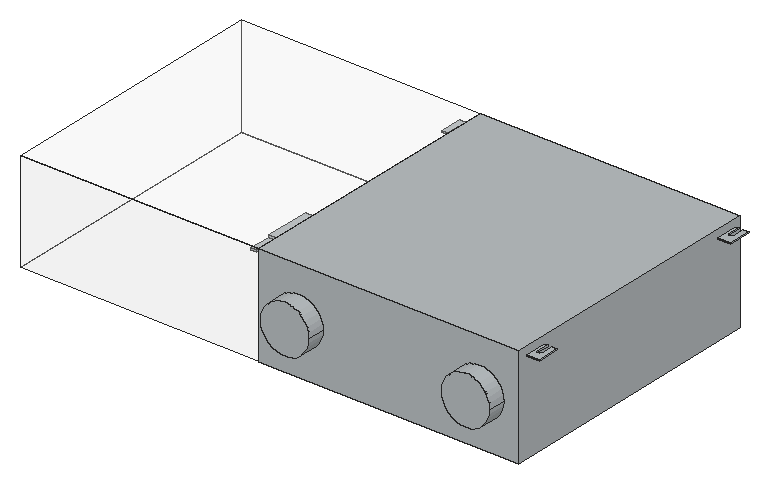
Revit family "vl-25zmhv2(-s)_60Hz", category 機械設備, Revit 2019
Family settings
  丸型コネクタ寸法 = 直径を使用
  パーツ タイプ = 標準
  OmniClass 番号 = 23.75.10.34.21
  OmniClass タイトル = Heat Exchangers for Ventilation Air
  作業面ベース = いいえ
  常に垂直 = はい
  ロード時にボイドで切り取り = いいえ
  共有 = いいえ
  部屋計算ポイント = はい
Parameters (values of type "VL-25ZMHV2")
  騒音レベル(dB(A)) = 33
  風量 = 250.0 m³/h
  面風速 = 3.93 m/s
  電源種別 [instance] = ""
  電圧 = 100 V
  電動機出力 = 0 W
  集中コントローラ = ""
  運転質量 = 0.00 kg
  連動 [instance] = ""
  質量 = if(製品質量 > 運転質量, 製品質量, 運転質量) * 1.2  # 22.80 kg
  負荷分類 = 3_ファン類
  説明 = "ロスナイセントラル換気システム 天吊埋込形 高効率シリーズ"
  設計風量 = 0.0 m³/h
  設置方法 = "天井吊(隠ぺい)形"
  記号 [instance] = ""
  製造元 = "三菱電機株式会社"
  製品質量 = 19.00 kg
  製品出荷対象 = "国内"
  製品リリース年月 = "2022/6/1"
  製品グループ = ""
  系統 [instance] = ""
  符号 = "HEU"
  積算_科目 = "1 空気調和設備"
  積算_拾い区分 [instance] = ""
  相 = 1
  盤記号 [instance] = ""
  発停方法 [instance] = ""
  特殊仕様 [instance] = ""
  点検口高さ = -Height  # -295 mm
  点検口離隔 = 250 mm
  点検口_Depth = 450 mm
  点検口 = yes
  火災停止 [instance] = ""
  温度交換効率 = 80.00%
  消費電力 = 74 W
  法定耐用年数 = "15"
  機外静圧_排気 = 118.0 Pa
  機外静圧 = 118.0 Pa
  極数 = 2
  材質 [instance] = ""
  本体マテリアル = 溶融めっき鋼板
  操作・制御方式 = ""
  操作・制御スイッチ = ""
  排気量 = 0.0 m³/h
  形式 = "天井埋込ダクト形"
  幹線記号 [instance] = ""
  対象室 [instance] = ""
  実風量 = 0.0 m³/h
  始動方式 [instance] = "直入"
  天吊金具_径 = 13 mm
  天吊金具_幅 = 22 mm
  外気量 = 0.0 m³/h
  呼称 = "全熱交換ユニット"
  周波数 = 60 Hz
  天吊金具ピッチ2 = 700 mm
  天吊金具ピッチ1 = 797 mm
  天吊金具_高さ = 20 mm
  参照している仕様書等のバージョン = ""
  初期抵抗 = 0.0 Pa
  分類コード = "50052504100070"
  分類グループ = ""
  価格 = 340600
  企業コード = "108420"
  付属品_フィルター_還気 = ""
  付属品_フィルター = ""
  付属品 [instance] = ""
  仕様書バージョン = "Version1.0"
  モデル = "VL-25ZMHV2"
  メンテナンススペース = yes
  ダクト径 = 150 mm
  コメント [instance] = ""
  Keynote = ""
  エンタルピ交換効率_暖房 = 70.00%
  エンタルピ交換効率_冷房 = 67.50%
  Assembly Code = ""
  Width = 761 mm
  W1 = 45 mm
  Version = ""
  Uniclass2015Version = "Systems v1.9"
  Uniclass2015Title = "Thermal wheels"
  Uniclass2015Code = "Pr_60_60_36_88"
  URL = "https://www.mitsubishielectric.co.jp/ldg/wink/ssl/displayProduct.do?pid=320836"
  SpecificationReference = ""
  SpecificationDescription = ""
  SAサイズ_D = 142 mm
  Revision = ""
  RAサイズ_D = 142 mm
  ProductInformation = ""
  OmniClassCode = "23-27 23 19 11"
  OAダクト接続口方向_標準 = yes
  OAダクト接続口方向_変更 = not(OAダクト接続口方向_標準)  # no
  OAサイズ_W = 0 mm
  OAサイズ_D = 142 mm
  MIN風量 = 175.0 m³/h
  MIN静圧 = 58.0 Pa
  MID風量 = 210.0 m³/h
  MID静圧 = 83.0 Pa
  MAX風量 = 250.0 m³/h
  MAX静圧 = 118.0 Pa
  IfcTypeProduct = ""
  IfcProduct = ""
  IfcExportType = "ROTARYWHEEL"
  IfcExportAs = "IfcAirToAirHeatRecoveryType"
  Height = 295 mm
  H3 = 147.5 mm
  H2 = 18.4 mm
  H1 = 250.8 mm
  EAダクト接続口方向_変更 = not(EAダクト接続口方向_標準)  # no
  EAダクト接続口方向_標準 = yes
  EAサイズ_W = 0 mm
  EAサイズ_D = 142 mm
  Duct_Pitch = 530 mm
  DuctChange_Center = 102 mm
  Depth = 810 mm
  D3 = 50 mm
  D2 = 91.5 mm
  D1 = 135 mm
  Clearance Top = 0 mm
  Clearance Left = 700 mm
  Clearance Bottom = 0 mm
  Author = "三菱電機株式会社"
Types (2, lengths in mm): name | モデル | URL | MIN風量 | MIN静圧 | MID風量 | MID静圧
  VL-25ZMHV2 | "VL-25ZMHV2" | "https://www.mitsubishielectric.co.jp/ldg/wink/ssl/displayProduct.do?pid=320836" | 175.0 m³/h | 58.0 Pa | 210.0 m³/h | 83.0 Pa
  VL-25ZMHV2-S | "VL-25ZMHV2-S" | "https://www.mitsubishielectric.co.jp/ldg/wink/ssl/displayProduct.do?pid=320837" | 100.0 m³/h | 19.0 Pa | 180.0 m³/h | 62.0 Pa
Reference planes
  plane 1 "中心(正面/背面)": y = 0
  plane 2: z = 0
  plane 3 "中心(左/右)": x = 0
  plane 4: x = -380.5
  plane 5: x = 380.5
  plane 6: y = 405
  plane 7: y = -405
  plane 8: z = -295
  plane 9: z = -147.5
  plane 10: x = -265
  plane 11: x = 265
  plane 12: y = -455
  plane 13: y = 455
  plane 14: y = 303
  plane 15: x = -430.5
  plane 16: x = 430.5
  plane 17: x = -1080.5
  plane 18: y = -313.5
  plane 19: y = -178.5
  plane 20: z = -18.4
  plane 21: z = -269.2
  plane 22: x = -425.5
  plane 23: x = -630.5
  plane 24: y = 225
  plane 25: x = -398.5
  plane 26: x = 398.5
  plane 27: y = 350
  plane 28: y = -350
  plane 29: y = -225
  plane 30: x = -420.5
  plane 31: y = -370
  plane 32: z = -5
  plane 33: z = -20
  plane 34: z = -23
  plane 35: x = 420.5
  plane 36: z = -295
  plane 37: z = 0
Forms (mm)
  Extrusion 1, solid, material "溶融めっき鋼板" <- "本体マテリアル", detail levels fine
    sketch origin (0, 0, 0) x (1, 0, 0) y (0, 1, 0)
      loop
        line (-380.5, 405) -> (-380.5, -405) -> (380.5, -405) -> (380.5, 405) -> (-380.5, 405)
    from 0 to -295
  Extrusion 2, solid, material "溶融めっき鋼板" <- "本体マテリアル", detail levels fine
    sketch origin (510, -445, 0) x (-1, 0, 0) y (0, 0, -1)
      loop
        circle (245, 147.5) r 71
    from -40 to 10
  Extrusion 3, solid, material "溶融めっき鋼板" <- "本体マテリアル", detail levels fine
    sketch origin (-380.5, -405, 0) x (0, 1, 0) y (0, 0, -1)
      loop
        line (226.5, 18.4) -> (226.5, 269.2) -> (91.5, 269.2) -> (91.5, 18.4) -> (226.5, 18.4)
    from 0 to 45
  Extrusion 4, solid, material "溶融めっき鋼板" <- "本体マテリアル", visible <- "EAダクト接続口方向_標準", detail levels fine
    sketch origin (510, 445, 0) x (-1, 0, 0) y (0, 0, 1)
      loop
        circle (245, -147.5) r 71
    from -40 to 10
  Extrusion 5, solid, material "溶融めっき鋼板" <- "本体マテリアル", visible <- "OAダクト接続口方向_標準", detail levels fine
    sketch origin (-510, 445, 0) x (1, 0, 0) y (0, 0, -1)
      loop
        circle (245, 147.5) r 71
    from -40 to 10
  Extrusion 6, solid, material "溶融めっき鋼板" <- "本体マテリアル", detail levels fine
    sketch origin (-510, -445, 0) x (1, 0, 0) y (0, 0, 1)
      loop
        circle (245, -147.5) r 71
    from -40 to 10
  Extrusion 7, solid, material "溶融めっき鋼板" <- "本体マテリアル", visible <- "EAダクト接続口方向_変更", detail levels fine
    sketch origin (0, 0, 0) x (0, 1, 0) y (0, 0, 1)
      loop
        circle (303, -147.5) r 71
    from 380.5 to 430.5
  Extrusion 8, solid, material "溶融めっき鋼板" <- "本体マテリアル", visible <- "OAダクト接続口方向_変更", detail levels fine
    sketch origin (0, 0, 0) x (0, 1, 0) y (0, 0, -1)
      loop
        circle (303, 147.5) r 71
    from 380.5 to 430.5
  Extrusion 9, solid, material "溶融めっき鋼板" <- "本体マテリアル", detail levels fine
    sketch origin (0, 0, 0) x (1, 0, 0) y (0, 1, 0)
      loop
        line (-420.5, 315) -> (-405, 315) -> (-405, 350)
        arc (-405, 350) -> (-398.5, 356.5) -> (-392, 350) r 6.5
        line (-392, 350) -> (-392, 315) -> (-380.5, 315) -> (-380.5, 380) -> (-420.5, 380) -> (-420.5, 315)
      loop
        line (-420.5, -385) -> (-405, -385) -> (-405, -350)
        arc (-405, -350) -> (-398.5, -343.5) -> (-392, -350) r 6.5
        line (-392, -350) -> (-392, -385) -> (-380.5, -385) -> (-380.5, -320) -> (-420.5, -320) -> (-420.5, -385)
      loop
        line (392, 350) -> (392, 385) -> (380.5, 385) -> (380.5, 320) -> (420.5, 320) -> (420.5, 385) -> (405, 385) -> (405, 350)
        arc (405, 350) -> (398.5, 343.5) -> (392, 350) r 6.5
      loop
        line (392, -350) -> (392, -315) -> (380.5, -315) -> (380.5, -380) -> (420.5, -380) -> (420.5, -315) -> (405, -315) -> (405, -350)
        arc (405, -350) -> (398.5, -356.5) -> (392, -350) r 6.5
    from -23 to -20
Lines and regions (mm)
  Masking region 1, detail levels coarse+medium
    outline origin (1326.5, 29, 0) x (1, 0, 0) y (0, 1, 0)
      loop
        line (-1707, 376) -> (-1707, -434) -> (-946, -434) -> (-946, 376) -> (-1707, 376)
  symbolic lines, detail levels coarse+medium
    curve 1: line (0, 405, 0) -> (-380.5, 0, 0)
    curve 2: line (-380.5, 0, 0) -> (0, -405, 0)
    curve 3: line (0, -405, 0) -> (380.5, 0, 0)
    curve 4: line (380.5, 0, 0) -> (0, 405, 0)
Dimensions and locks
  equal spacing: plane 4, plane 3 "中心(左/右)", plane 5
  "Width": plane 4 to plane 5
  equal spacing: plane 6, plane 1 "中心(正面/背面)", plane 7
  "Depth": plane 6 to plane 7
  "Height": level to plane 8
  "H3": level to plane 9
  equal spacing: plane 11, plane 3 "中心(左/右)", plane 10
  "Duct_Pitch": plane 11 to plane 10
  "D3": plane 13 to plane 6
  "D3": plane 7 to plane 12
  "DuctChange_Center": plane 6 to plane 14
  "D3": plane 5 to plane 16
  "D3": plane 15 to plane 4
  "Clearance Left": plane 17 to plane 4
  "H2": level to plane 20
  "H1": plane 20 to plane 21
  "D2": plane 18 to plane 7
  "D1": plane 19 to plane 18
  "W1": plane 22 to plane 4
  "点検口離隔": plane 23 to plane 4
  equal spacing: plane 25, plane 3 "中心(左/右)", plane 26
  "天吊金具ピッチ1": plane 25 to plane 26
  equal spacing: plane 27, plane 1 "中心(正面/背面)", plane 28
  "天吊金具ピッチ2": plane 27 to plane 28
  equal spacing: plane 24, plane 1 "中心(正面/背面)", plane 29
  "点検口_Depth": plane 24 to plane 29
  "天吊金具_幅": plane 30 to plane 25
  "天吊金具_高さ": level to plane 33
  locked: plane 33 to plane 34 at 3
  "天吊金具_幅": plane 26 to plane 35
  "Clearance Bottom": plane 8 to plane 36
  "Clearance Top": plane 37 to level
  plane 27 to Extrusion 9 sketch curve = 30 mm  (x2)
  plane 27 to Extrusion 9 sketch curve = 35 mm  (x2)
  equal spacing: Extrusion 9 sketch curve, plane 25, Extrusion 9 sketch curve  (x2)
  "天吊金具_径": Extrusion 9 sketch curve to Extrusion 9 sketch curve  (x4)
  plane 28 to Extrusion 9 sketch curve = 30 mm  (x2)
  plane 28 to Extrusion 9 sketch curve = 35 mm  (x2)
  equal spacing: Extrusion 9 sketch curve, plane 26, Extrusion 9 sketch curve  (x2)
  "RAサイズ_D": diameter of Extrusion 2 sketch curve
  "EAサイズ_D": diameter of Extrusion 4 sketch curve
  "OAサイズ_D": diameter of Extrusion 5 sketch curve
  "SAサイズ_D": diameter of Extrusion 6 sketch curve
  "EAサイズ_D": diameter of Extrusion 7 sketch curve
  "EAサイズ_D": diameter of Extrusion 8 sketch curve
  aligned and locked: level to plane 2
  aligned and locked: Extrusion 1 to plane 8
  aligned and locked: plane 7 to Extrusion 2
  aligned and locked: Extrusion 2 to plane 12
  aligned and locked: plane 17 to nested 1
  aligned and locked: plane 4 to nested 1
  aligned and locked: nested 1 to plane 6
  aligned and locked: nested 1 to plane 7
  aligned and locked: Extrusion 3 to plane 22
  aligned and locked: plane 4 to Extrusion 3
  aligned and locked: Masking region 1 to plane 4
  aligned and locked: plane 5 to Masking region 1
  aligned and locked: plane 6 to Masking region 1
  aligned and locked: Masking region 1 to plane 7
  aligned and locked: plane 26 to nested 2
  aligned and locked: plane 25 to nested 2
  aligned and locked: nested 2 to plane 28
  aligned and locked: plane 27 to nested 2
  aligned and locked: Extrusion 3 to plane 19
  aligned and locked: Extrusion 3 to plane 21
  aligned and locked: plane 20 to Extrusion 3
  aligned and locked: plane 18 to Extrusion 3
  aligned and locked: plane 23 to nested 3
  aligned and locked: plane 17 to nested 3
  aligned and locked: plane 24 to nested 3
  aligned and locked: nested 3 to plane 29
  aligned and locked: plane 13 to Extrusion 4
  aligned and locked: Extrusion 4 to plane 6
  aligned and locked: plane 13 to Extrusion 5
  aligned and locked: Extrusion 5 to plane 6
  aligned and locked: Extrusion 6 to plane 12
  aligned and locked: plane 7 to Extrusion 6
  aligned and locked: plane 16 to Extrusion 7
  aligned and locked: Extrusion 7 to plane 5
  aligned and locked: plane 4 to Extrusion 8
  aligned and locked: Extrusion 8 to plane 15
  aligned and locked: plane 36 to nested 1
  aligned and locked: plane 37 to nested 1
  aligned and locked: plane 30 to Extrusion 9 sketch curve
  aligned and locked: Extrusion 9 to plane 34
  aligned and locked: plane 33 to Extrusion 9
  aligned and locked: plane 35 to Extrusion 9 sketch curve  (x2)
  aligned and locked: plane 5 to Extrusion 9 sketch curve  (x2)
Automatic sketch dimensions
  Extrusion 2 sketch curve to plane 9 = 0 mm
  Extrusion 2 sketch curve to plane 11 = 0 mm
  Extrusion 4 sketch curve to plane 9 = 0 mm
  Extrusion 4 sketch curve to plane 11 = 0 mm
  Extrusion 5 sketch curve to plane 9 = 0 mm
  Extrusion 5 sketch curve to plane 10 = 0 mm
  Extrusion 6 sketch curve to plane 9 = 0 mm
  Extrusion 6 sketch curve to plane 10 = 0 mm
  Extrusion 7 sketch curve to plane 9 = 0 mm
  Extrusion 7 sketch curve to plane 14 = 0 mm
  Extrusion 8 sketch curve to plane 9 = 0 mm
  Extrusion 8 sketch curve to plane 14 = 0 mm
  plane 1 "中心(正面/背面)" to curve 1 = 0 mm
  curve 1 to plane 4 = 0 mm
  curve 2 to plane 3 "中心(左/右)" = 0 mm
  curve 4 to plane 3 "中心(左/右)" = 0 mm
  plane 1 "中心(正面/背面)" to curve 4 = 0 mm
  curve 4 to plane 5 = 0 mm
  curve 2 to plane 7 = 0 mm
  curve 4 to plane 6 = 0 mm
  Extrusion 1 sketch curve to plane 4 = 0 mm
  Extrusion 1 sketch curve to plane 5 = 0 mm
  Extrusion 1 sketch curve to plane 7 = 0 mm
  Extrusion 1 sketch curve to plane 6 = 0 mm
  Extrusion 1 to Extrusion 3 sketch curve = 18.4 mm
  Extrusion 3 sketch curve to Extrusion 1 = 91.5 mm
  Extrusion 1 to Extrusion 3 sketch curve = 25.8 mm
  Extrusion 3 sketch curve to Extrusion 3 sketch curve = 135 mm
  Masking region 1 sketch curve to plane 4 = 0 mm
  Masking region 1 sketch curve to plane 5 = 0 mm
  Masking region 1 sketch curve to plane 7 = 0 mm
  Masking region 1 sketch curve to plane 6 = 0 mm
  Extrusion 9 sketch curve to plane 30 = 0 mm
  Extrusion 9 sketch curve to plane 4 = 0 mm  (x2)
  Extrusion 9 sketch curve to plane 28 = 0 mm  (x2)
  Extrusion 9 sketch curve to plane 27 = 0 mm  (x2)
  Extrusion 9 sketch curve to Extrusion 9 sketch curve = 0 mm  (x3)
  plane 18 to Extrusion 9 sketch curve = 1.5 mm
Nested families
  nested 1: "メンテナンススペース" at (-730.5, 0, -147.5), visible <- "メンテナンススペース", type "メンテナンススペース"
    with Width 700 mm, Height 295 mm, Depth 810 mm
  nested 2: "固定点" at (-398.5, -350, 0), type "固定点"
    with W 797 mm, D 700 mm
  nested 3: "点検口設置範囲" at (-855.5, 0, -295), built-in parameter 1001364 <- "点検口高さ", visible <- "点検口", type "点検口設置範囲"
    with Width 450 mm, Depth 450 mm
Connectors
  hvac at (265, -455, -147.5), driven by "ダクト径", driven by "機外静圧", driven by "風量"
    settings: on Extrusion 2, index 2, duct flow 250.0 m³/h, flow factor 0, pres drop 118.0 Pa, loss coef 0, conn angle 0.00°, conn width 304.8 mm, conn height 304.8 mm, conn diameter 150 mm, duct sys type 2, conn prof type 0, flow config 0, flow direction 1, loss method 4, conn ref index -1, conn util no, is conn primary yes, conn desc ""
  electrical at (-403, -313.5, -143.8), driven by "負荷分類", driven by "相", driven by "電圧", driven by "消費電力"
    settings: on Extrusion 3, index 7, voltage 100 V, apparent load 74 VA, apparent load phase1 0 VA, apparent load phase2 0 VA, apparent load phase3 0 VA, power factor 1, load classification "3_ファン類", number of poles 1, system type 30, power factor state 1, is connector primary yes, connector utility no, sub classification motor no, connector description ""
  hvac at (265, 455, -147.5), driven by "ダクト径", driven by "排気量", driven by "機外静圧_排気"
    settings: on Extrusion 4, index 8, duct flow 0.0 m³/h, flow factor 0, pres drop 118.0 Pa, loss coef 0, conn angle 0.00°, conn width 304.8 mm, conn height 304.8 mm, conn diameter 150 mm, duct sys type 3, conn prof type 0, flow config 0, flow direction 2, loss method 4, conn ref index -1, conn util no, is conn primary no, conn desc ""
  hvac at (-265, 455, -147.5), driven by "ダクト径", driven by "外気量", driven by "機外静圧"
    settings: on Extrusion 5, index 9, duct flow 0.0 m³/h, flow factor 0, pres drop 118.0 Pa, loss coef 0, conn angle 0.00°, conn width 304.8 mm, conn height 304.8 mm, conn diameter 150 mm, duct sys type 4, conn prof type 0, flow config 0, flow direction 1, loss method 4, conn ref index -1, conn util no, is conn primary no, conn desc ""
  hvac at (-265, -455, -147.5), driven by "ダクト径", driven by "風量", driven by "機外静圧"
    settings: on Extrusion 6, index 10, duct flow 250.0 m³/h, flow factor 0, pres drop 118.0 Pa, loss coef 0, conn angle 0.00°, conn width 304.8 mm, conn height 304.8 mm, conn diameter 150 mm, duct sys type 1, conn prof type 0, flow config 0, flow direction 2, loss method 4, conn ref index -1, conn util no, is conn primary no, conn desc ""
  hvac at (430.5, 303, -147.5), driven by "ダクト径", driven by "機外静圧_排気", driven by "排気量"
    settings: on Extrusion 7, index 11, duct flow 0.0 m³/h, flow factor 0, pres drop 118.0 Pa, loss coef 0, conn angle 0.00°, conn width 304.8 mm, conn height 304.8 mm, conn diameter 150 mm, duct sys type 3, conn prof type 0, flow config 0, flow direction 2, loss method 4, conn ref index -1, conn util no, is conn primary no, conn desc ""
  hvac at (-430.5, 303, -147.5), driven by "ダクト径", driven by "機外静圧", driven by "外気量"
    settings: on Extrusion 8, index 12, duct flow 0.0 m³/h, flow factor 0, pres drop 118.0 Pa, loss coef 0, conn angle 0.00°, conn width 304.8 mm, conn height 304.8 mm, conn diameter 150 mm, duct sys type 4, conn prof type 0, flow config 0, flow direction 1, loss method 4, conn ref index -1, conn util no, is conn primary no, conn desc ""
Definition of nested family "メンテナンススペース"
  Parameters (values of type "メンテナンススペース")
    Width [instance] = 500 mm
    Height [instance] = 500 mm
    Depth [instance] = 500 mm
  Reference planes
    plane 1 "中心(正面/背面)": y = 0
    plane 2: z = 0
    plane 3 "中心(左/右)": x = 0
    plane 4: y = -250
    plane 5: x = 250
    plane 6: y = 250
    plane 7: x = -250
    plane 8: z = 250
    plane 9: z = -250
  Forms (mm)
    Extrusion 1, solid
      sketch origin (-638.939, 0, 72.39) x (1, 0, 0) y (0, 1, 0)
        loop
          line (388.939, 250) -> (388.939, -250) -> (888.939, -250) -> (888.939, 250) -> (388.939, 250)
      from -322.39 to 177.61
  Lines and regions (mm)
    symbolic lines
      curve 1: line (-250, 0, 250) -> (250, 0, 250)
      curve 2: line (-250, 0, -250) -> (-250, 0, 250)
      curve 3: line (250, 0, -250) -> (-250, 0, -250)
      curve 4: line (250, 0, 250) -> (250, 0, -250)
      curve 5: line (0, -250, 250) -> (0, 250, 250)
      curve 6: line (0, -250, -250) -> (0, -250, 250)
      curve 7: line (0, 250, -250) -> (0, -250, -250)
      curve 8: line (0, 250, 250) -> (0, 250, -250)
      curve 9: line (-250, 250, 0) -> (250, 250, 0)
      curve 10: line (-250, -250, 0) -> (-250, 250, 0)
      curve 11: line (250, -250, 0) -> (-250, -250, 0)
      curve 12: line (250, 250, 0) -> (250, -250, 0)
  Dimensions and locks
    equal spacing: plane 7, plane 3 "中心(左/右)", plane 5
    equal spacing: plane 4, plane 1 "中心(正面/背面)", plane 6
    "Depth": plane 4 to plane 6
    "Width": plane 7 to plane 5
    equal spacing: plane 8, plane 2, plane 9
    "Height": plane 8 to plane 9
    aligned and locked: plane 9 to curve 3
    aligned and locked: plane 7 to curve 2
    aligned and locked: curve 4 to plane 5
    aligned and locked: plane 5 to Extrusion 1
    aligned and locked: Extrusion 1 to plane 7
    aligned and locked: Extrusion 1 to plane 9
    aligned and locked: plane 8 to Extrusion 1
    aligned and locked: plane 9 to curve 7
  Automatic sketch dimensions
    plane 4 to Extrusion 1 sketch curve = 0 mm
    Extrusion 1 sketch curve to plane 7 = 0 mm
    Extrusion 1 sketch curve to plane 5 = 0 mm
    plane 6 to Extrusion 1 sketch curve = 0 mm
    curve 2 to plane 8 = 0 mm
    plane 4 to curve 11 = 0 mm
    curve 11 to plane 7 = 0 mm
    curve 11 to plane 5 = 0 mm
    plane 6 to curve 10 = 0 mm
    curve 7 to plane 4 = 0 mm
    curve 7 to plane 6 = 0 mm
    curve 6 to plane 8 = 0 mm
Definition of nested family "固定点"
  Parameters (values of type "固定点")
    中心円 = 20 mm
    W [instance] = 1000 mm
    D [instance] = 1000 mm
  Reference planes
    plane 1 "中心(正面/背面)": y = 0
    plane 2: z = 0
    plane 3 "中心(左/右)": x = 0
    plane 4: x = 1000
    plane 5: y = 1000
  Lines and regions (mm)
    symbolic lines, detail levels fine
      curve 1: circle (0, 1000, 0) r 10 normal (0, 0, 1)
      curve 2: circle (0, 0, 0) r 10 normal (0, 0, 1)
      curve 3: circle (1000, 1000, 0) r 10 normal (0, 0, 1)
      curve 4: circle (1000, 0, 0) r 10 normal (0, 0, 1)
      curve 5: line (-200, 1000, 0) -> (1200, 1000, 0)
      curve 6: line (-200, 0, 0) -> (1200, 0, 0)
      curve 7: line (0, 1200, 0) -> (0, -200, 0)
      curve 8: line (1000, 1200, 0) -> (1000, -200, 0)
  Dimensions and locks
    "W": plane 3 "中心(左/右)" to plane 4
    "D": plane 1 "中心(正面/背面)" to plane 5
    "中心円": diameter of curve 1
    "中心円": diameter of curve 2
    "中心円": diameter of curve 3
    "中心円": diameter of curve 4
    aligned and locked: level to plane 2
    aligned and locked: plane 5 to curve 1
    aligned and locked: plane 3 "中心(左/右)" to curve 1
    aligned and locked: plane 3 "中心(左/右)" to curve 2
    aligned and locked: plane 1 "中心(正面/背面)" to curve 2
    aligned and locked: plane 4 to curve 3
    aligned and locked: plane 5 to curve 3
    aligned and locked: plane 1 "中心(正面/背面)" to curve 4
    aligned and locked: plane 4 to curve 4
    aligned and locked: plane 1 "中心(正面/背面)" to curve 6
    aligned and locked: curve 7 to plane 3 "中心(左/右)"
    aligned and locked: curve 8 to plane 4
  Automatic sketch dimensions
    curve 5 to plane 5 = 0 mm
    curve 6 to plane 3 "中心(左/右)" = 200 mm
    curve 5 to plane 3 "中心(左/右)" = 200 mm
    curve 4 to curve 6 = 200 mm
    curve 3 to curve 5 = 200 mm
    plane 1 "中心(正面/背面)" to curve 8 = 200 mm
    plane 1 "中心(正面/背面)" to curve 7 = 200 mm
    curve 3 to curve 8 = 200 mm
    curve 1 to curve 7 = 200 mm
Definition of nested family "点検口設置範囲"
  Parameters (values of type "点検口設置範囲")
    Width [instance] = 1000 mm
    Depth [instance] = 700 mm
  Reference planes
    plane 1 "中心(正面/背面)": y = 0
    plane 2: z = 0
    plane 3 "中心(左/右)": x = 0
    plane 4: x = -500
    plane 5: x = 500
    plane 6: y = -350
    plane 7: y = 350
  Lines and regions (mm)
    model lines
      curve 1: line (-500, 350, 0) -> (500, 350, 0)
      curve 2: line (-500, -350, 0) -> (-500, 350, 0)
      curve 3: line (500, -350, 0) -> (-500, -350, 0)
      curve 4: line (500, 350, 0) -> (500, -350, 0)
  Dimensions and locks
    "Depth": plane 7 to plane 6
    "Width": plane 4 to plane 5
    equal spacing: plane 7, plane 1 "中心(正面/背面)", plane 6
    equal spacing: plane 4, plane 3 "中心(左/右)", plane 5
    aligned and locked: level to plane 2
    aligned and locked: plane 4 to curve 2
    aligned and locked: curve 1 to plane 7
    aligned and locked: curve 4 to plane 5
    aligned and locked: plane 6 to curve 3
